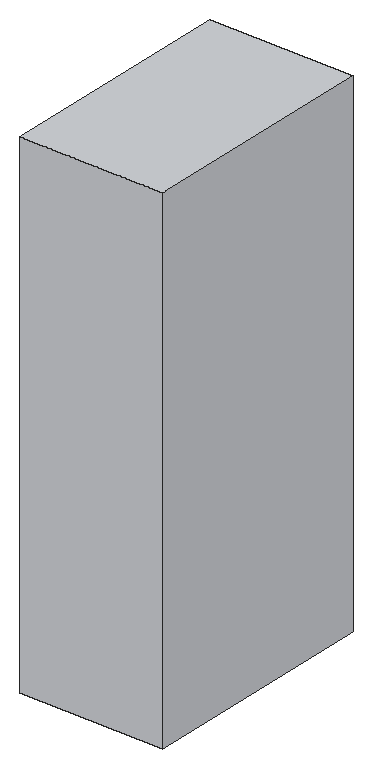
Revit family "SB14_RTU機櫃_600x1000x2100", category 電氣設備, Revit 2025
Family settings
  面板規劃 = 兩欄，回路穿越
  圓形接點標註 = 使用直徑
  組件類型 = 分電盤
  OmniClass 編號 = 23.80.30.11.17
  OmniClass 標題 = Distribution Boards and Control Panels
  以工作平面為基礎 = 否
  總是垂直 = 是
  載入時使用空心切割 = 否
  維持標註方位 = 否
  共用 = 否
  房間計算點 = 否
Parameters (values of type "RTU 與網路機櫃")
  built-in parameter 1155100 [instance] = -1
  Default Elevation = 0 mm
  built-in parameter 1140142 [instance] = -1
  SCADA_高mm [instance] = "2100"
  SCADA_附錄F項次 [instance] = "17"
  SCADA_附錄D項次 [instance] = "8"
  SCADA_編號 [instance] = "SB14-COMS-RTU-01"
  SCADA_站點 [instance] = "SB14"
  SCADA_深mm [instance] = "1000"
  SCADA_機櫃類型 [instance] = "RTU 與網路機櫃"
  SCADA_期別 [instance] = "第一期"
  SCADA_房間 [instance] = "COMS/SCADA 設備室"
  SCADA_建物 [instance] = "車站"
  SCADA_尺寸 [instance] = "600W×1000D×2100H"
  SCADA_寬mm [instance] = "600"
  SCADA_定位來源 [instance] = "獨立設備族群（載入專案後定位）"
  SCADA_備註 [instance] = ""
  SCADA_來源文件 [instance] = "Installation SoW_V6（Rev.006, 2026-07-02）附錄 D / F；依原文顏色標示排除已刪除項目"
  SCADA_UPS電源110V [instance] = "雙 UPS 電源（2×4500VA）"
  built-in parameter 1140140 [instance] = 1 (stored number, unit not read)
Reference planes
  plane 1 "中心 (前/後)": y = 0
  plane 2: z = 0
  plane 3 "中心 (左/右)": x = 0
Forms (mm)
  Extrusion 1, solid
    sketch origin (0, 0, 0) x (1, 0, 0) y (0, 1, 0)
      loop
        line (-300, -500) -> (300, -500) -> (300, 500) -> (-300, 500) -> (-300, -500)
    from 0 to 2100
Lines and regions (mm)
  model lines, style "開門線"
    curve 1: line (300, -500, 0) -> (300, -1100, 0)
    curve 2: arc (-300, -500, 0) -> (-124.264, -924.264, 0) -> (300, -1100, 0) r 600
    curve 3: line (-300, 500, 0) -> (-300, 1100, 0)
    curve 4: arc (300, 500, 0) -> (124.264, 924.264, 0) -> (-300, 1100, 0) r 600
Dimensions and locks
  aligned and locked: level to plane 2
